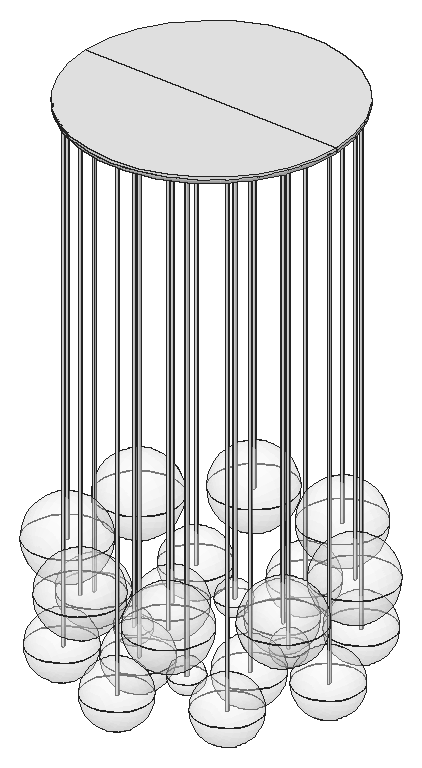
Revit family
Parameters (values of type "Parametric")
  Wattage = 12.1178 W
  built-in parameter 1150110 = 1 (stored number, unit not read)
  built-in parameter 1114217 = 1 (stored number, unit not read)
  built-in parameter 1150109 = 1 (stored number, unit not read)
  built-in parameter 1150134 = 5
  built-in parameter 1150113 = 1 (stored number, unit not read)
  SmartBIM Object Version = 1  # constant formula
  SmartBIM Object Created By = "Reed Construction Data"  # constant formula
  Manufacturer = ""
  built-in parameter 1150105 = 143.24 (stored number, unit not read)
  Lumens = 1800 lm
  built-in parameter 1150115 = 1 (stored number, unit not read)
  Light Source Symbol Size = 2' - 0"
  built-in parameter 1150137 = (empty or 0)
  built-in parameter 1150139 = (empty or 0)
  built-in parameter 1150112 = 1 (stored number, unit not read)
  built-in parameter 1150114 = 1 (stored number, unit not read)
  built-in parameter 1150132 = 2
  built-in parameter 1150102 = (empty or 0)
  built-in parameter 1150107 = 6000 (stored number, unit not read)
  built-in parameter 1150138 = (empty or 0)
  built-in parameter 1150106 = 1.4324 (stored number, unit not read)
  built-in parameter 1150104 = 13.8 (stored number, unit not read)
  Dimming Lamp Color Temperature Shift = (empty or 0)
  Housing = Aluminium
  Color Filter = 16777215
  built-in parameter 1114218 = 1 (stored number, unit not read)
  built-in parameter 1150133 = 10 (stored number, unit not read)
  Assembly Code = ""
  95 CSI = "16510"
  04 CSI = "26 51 00"
Reference planes (in)
  plane 1 "Light Source Axis (F/B)": y = 0
  plane 2 "Ceiling": z = 96
  plane 3 "Light Source Axis (L/R)": x = 0
  plane 4 "Light Source Elevation": z = 74.25
  plane 5 "Top Edge of Upper Cylinder": z = 78
  plane 6 "Bottom of Base": z = 94
  plane 7 "Bottom of Cylinder": z = 74.5
Forms (in)
  Revolve 1, solid, material "Aluminium" <- "Housing"
    sketch origin (0, 0, 0) x (1, 0, 0) y (0, 0, 1)
      loop
        line (0, 95.62439) -> (5.97957, 95.62439)
        arc (5.97957, 95.62439) -> (6.15635, 95.69761) -> (6.22957, 95.87439) r 0.25
        line (6.22957, 95.87439) -> (6.22957, 96) -> (0, 96) -> (0, 95.62439)
      axis (0, 96) -> (0, 95.62439)
    angle from 0 to 360
  Extrusion 2, solid, material "Aluminium"
    sketch origin (0, 0, 96) x (1, 0, 0) y (0, 1, 0)
      loop
        circle (5.85003, 0.01023) r 0.0625
      loop
        circle (0, -5.84004) r 0.0625
      loop
        circle (4.12787, -4.16702) r 0.0625
      loop
        circle (-4.05824, -4.15154) r 0.0625
      loop
        circle (2.88498, -1.19196) r 0.0625
      loop
        circle (2.88498, 1.19196) r 0.0625
      loop
        circle (-5.85003, 0.01023) r 0.0625
      loop
        circle (0, 5.84004) r 0.0625
      loop
        circle (4.12787, 4.16702) r 0.0625
      loop
        circle (-4.05824, 4.15154) r 0.0625
      loop
        circle (-2.88498, -1.19196) r 0.0625
      loop
        circle (-2.88498, 1.19196) r 0.0625
      loop
        circle (1.17117, 2.98482) r 0.0625
      loop
        circle (-1.21276, 2.98482) r 0.0625
      loop
        circle (1.17117, -2.98482) r 0.0625
      loop
        circle (-1.21276, -2.98482) r 0.0625
    from -0.25 to -24
  Extrusion 3, solid, material "Aluminium"
    sketch origin (0, 0, 96) x (1, 0, 0) y (0, 1, 0)
      loop
        circle (5.37713, 2.23182) r 0.0625
      loop
        circle (2.19515, 5.4138) r 0.0625
      loop
        circle (-5.37713, 2.23182) r 0.0625
      loop
        circle (-2.19515, 5.4138) r 0.0625
      loop
        circle (5.37713, -2.23182) r 0.0625
      loop
        circle (2.19515, -5.4138) r 0.0625
      loop
        circle (-5.37713, -2.23182) r 0.0625
      loop
        circle (-2.19515, -5.4138) r 0.0625
    from -0.25 to -20.5
  Revolve 4, solid, material "Frosted luminaire 2"
    sketch origin (0, 0, 72) x (1, 0, 0) y (0, 1, 0)
      loop
        line (5.8492, 1.5) -> (5.8492, -1.5)
        arc (5.8492, -1.5) -> (7.3492, 0) -> (5.8492, 1.5) r 1.5
      axis (5.8492, 1.5) -> (5.8492, -1.5)
    angle from 0 to 360
  Revolve 5, solid, material "Frosted luminaire 2"
    sketch origin (-1.73083, 4.20008, 72) x (1, 0, 0) y (0, 1, 0)
      loop
        line (5.8492, 1.5) -> (5.8492, -1.5)
        arc (5.8492, -1.5) -> (7.3492, 0) -> (5.8492, 1.5) r 1.5
      axis (5.8492, 1.5) -> (5.8492, -1.5)
    angle from 0 to 360
  Revolve 6, solid, material "Frosted luminaire 2"
    sketch origin (-1.73083, -4.13396, 72) x (1, 0, 0) y (0, 1, 0)
      loop
        line (5.8492, 1.5) -> (5.8492, -1.5)
        arc (5.8492, -1.5) -> (7.3492, 0) -> (5.8492, 1.5) r 1.5
      axis (5.8492, 1.5) -> (5.8492, -1.5)
    angle from 0 to 360
  Revolve 7, solid, material "Frosted luminaire 2"
    sketch origin (0, 0, 72) x (-1, 0, 0) y (0, -1, 0)
      loop
        arc (5.8492, -1.5) -> (7.3492, 0) -> (5.8492, 1.5) r 1.5
        line (5.8492, 1.5) -> (5.8492, -1.5)
      axis (5.8492, -1.5) -> (5.8492, 1.5)
    angle from 0 to 360
  Revolve 8, solid, material "Frosted luminaire 2"
    sketch origin (1.73083, 4.20008, 72) x (-1, 0, 0) y (0, -1, 0)
      loop
        arc (5.8492, -1.5) -> (7.3492, 0) -> (5.8492, 1.5) r 1.5
        line (5.8492, 1.5) -> (5.8492, -1.5)
      axis (5.8492, -1.5) -> (5.8492, 1.5)
    angle from 0 to 360
  Revolve 9, solid, material "Frosted luminaire 2"
    sketch origin (1.73083, -4.13396, 72) x (-1, 0, 0) y (0, -1, 0)
      loop
        arc (5.8492, -1.5) -> (7.3492, 0) -> (5.8492, 1.5) r 1.5
        line (5.8492, 1.5) -> (5.8492, -1.5)
      axis (5.8492, -1.5) -> (5.8492, 1.5)
    angle from 0 to 360
  Revolve 10, solid, material "Frosted luminaire 2"
    sketch origin (5.82451, 5.83889, 72) x (-1, 0, 0) y (0, -1, 0)
      loop
        arc (5.8492, -1.5) -> (7.3492, 0) -> (5.8492, 1.5) r 1.5
        line (5.8492, 1.5) -> (5.8492, -1.5)
      axis (5.8492, -1.5) -> (5.8492, 1.5)
    angle from 0 to 360
  Revolve 11, solid, material "Frosted luminaire 2"
    sketch origin (5.82451, -5.83889, 72) x (-1, 0, 0) y (0, -1, 0)
      loop
        line (5.8492, 1.5) -> (5.8492, -1.5)
        arc (5.8492, -1.5) -> (7.3492, 0) -> (5.8492, 1.5) r 1.5
      axis (5.8492, 1.5) -> (5.8492, -1.5)
    angle from 0 to 360
  Revolve 12, solid, material "Frosted luminaire 2"
    sketch origin (2.97596, 1.17205, 72) x (-1, 0, 0) y (0, -1, 0)
      loop
        arc (5.8492, -1.5) -> (7.3492, 0) -> (5.8492, 1.5) r 1.5
        line (5.8492, 1.5) -> (5.8492, -1.5)
      axis (5.8492, -1.5) -> (5.8492, 1.5)
    angle from 0 to 360
  Revolve 13, solid, material "Frosted luminaire 2"
    sketch origin (7.04418, 2.94955, 72) x (-1, 0, 0) y (0, -1, 0)
      loop
        arc (5.8492, -1.5) -> (7.3492, 0) -> (5.8492, 1.5) r 1.5
        line (5.8492, 1.5) -> (5.8492, -1.5)
      axis (5.8492, -1.5) -> (5.8492, 1.5)
    angle from 0 to 360
  Revolve 14, solid, material "Frosted luminaire 2"
    sketch origin (8.73457, -1.23179, 72) x (-1, 0, 0) y (0, -1, 0)
      loop
        arc (5.8492, -1.5) -> (7.3492, 0) -> (5.8492, 1.5) r 1.5
        line (5.8492, 1.5) -> (5.8492, -1.5)
      axis (5.8492, -1.5) -> (5.8492, 1.5)
    angle from 0 to 360
  Revolve 15, solid, material "Frosted luminaire 2"
    sketch origin (4.63172, -2.99992, 72) x (-1, 0, 0) y (0, -1, 0)
      loop
        arc (5.8492, -1.5) -> (7.3492, 0) -> (5.8492, 1.5) r 1.5
        line (5.8492, 1.5) -> (5.8492, -1.5)
      axis (5.8492, -1.5) -> (5.8492, 1.5)
    angle from 0 to 360
  Revolve 16, solid, material "Frosted luminaire 2"
    sketch origin (2.9918, -1.12447, 72) x (-1, 0, 0) y (0, -1, 0)
      loop
        line (5.86247, -0.69051) -> (5.86247, 0.89405)
        arc (5.86247, 0.89405) -> (5.07784, 0.10177) -> (5.86247, -0.69051) r 0.79232
      axis (5.86247, 0.89405) -> (5.86247, -0.69051)
    angle from 0 to 360
  Revolve 17, solid, material "Frosted luminaire 2"
    sketch origin (7.05592, -2.89584, 72) x (-1, 0, 0) y (0, -1, 0)
      loop
        line (5.86247, -0.69051) -> (5.86247, 0.89405)
        arc (5.86247, 0.89405) -> (5.07784, 0.10177) -> (5.86247, -0.69051) r 0.79232
      axis (5.86247, 0.89405) -> (5.86247, -0.69051)
    angle from 0 to 360
  Revolve 18, solid, material "Frosted luminaire 2"
    sketch origin (8.77342, 1.32193, 72) x (-1, 0, 0) y (0, -1, 0)
      loop
        line (5.86247, -0.69051) -> (5.86247, 0.89405)
        arc (5.86247, 0.89405) -> (5.07784, 0.10177) -> (5.86247, -0.69051) r 0.79232
      axis (5.86247, 0.89405) -> (5.86247, -0.69051)
    angle from 0 to 360
  Revolve 19, solid, material "Frosted luminaire 2"
    sketch origin (4.63683, 3.06497, 72) x (-1, 0, 0) y (0, -1, 0)
      loop
        line (5.86247, -0.69051) -> (5.86247, 0.89405)
        arc (5.86247, 0.89405) -> (5.07784, 0.10177) -> (5.86247, -0.69051) r 0.79232
      axis (5.86247, 0.89405) -> (5.86247, -0.69051)
    angle from 0 to 360
  Revolve 20, solid, material "Frosted luminaire 2"
    sketch origin (0, 0, 75.5) x (1, 0, 0) y (0, 1, 0)
      loop
        arc (-5.37805, 4.06409) -> (-7.22246, 2.21969) -> (-5.37805, 0.37529) r 1.8444
        line (-5.37805, 0.37529) -> (-5.37805, 4.06409)
      axis (-5.37805, 4.06409) -> (-5.37805, 0.37529)
    angle from 0 to 360
  Revolve 21, solid, material "Frosted luminaire 2"
    sketch origin (0, 0, 75.5) x (-1, 0, 0) y (0, -1, 0)
      loop
        line (-5.37805, -4.06409) -> (-5.37805, -0.37529)
        arc (-5.37805, -0.37529) -> (-7.22246, -2.21969) -> (-5.37805, -4.06409) r 1.8444
      axis (-5.37805, -4.06409) -> (-5.37805, -0.37529)
    angle from 0 to 360
  Revolve 22, solid, material "Frosted luminaire 2"
    sketch origin (0, 0, 75.5) x (1, 0, 0) y (0, 1, 0)
      loop
        line (-5.37805, -4.06409) -> (-5.37805, -0.37529)
        arc (-5.37805, -0.37529) -> (-7.22246, -2.21969) -> (-5.37805, -4.06409) r 1.8444
      axis (-5.37805, -4.06409) -> (-5.37805, -0.37529)
    angle from 0 to 360
  Revolve 23, solid, material "Frosted luminaire 2"
    sketch origin (0, 0, 75.5) x (-1, 0, 0) y (0, -1, 0)
      loop
        arc (-5.37805, 4.06409) -> (-7.22246, 2.21969) -> (-5.37805, 0.37529) r 1.8444
        line (-5.37805, 0.37529) -> (-5.37805, 4.06409)
      axis (-5.37805, 4.06409) -> (-5.37805, 0.37529)
    angle from 0 to 360
  Revolve 24, solid, material "Frosted luminaire 2"
    sketch origin (-7.6103, 3.23949, 75.5) x (-1, 0, 0) y (0, -1, 0)
      loop
        line (-5.37805, -4.06409) -> (-5.37805, -0.37529)
        arc (-5.37805, -0.37529) -> (-7.22246, -2.21969) -> (-5.37805, -4.06409) r 1.8444
      axis (-5.37805, -4.06409) -> (-5.37805, -0.37529)
    angle from 0 to 360
  Revolve 25, solid, material "Frosted luminaire 2"
    sketch origin (-3.22459, -7.56461, 75.5) x (-1, 0, 0) y (0, -1, 0)
      loop
        line (-5.37805, -4.06409) -> (-5.37805, -0.37529)
        arc (-5.37805, -0.37529) -> (-7.22246, -2.21969) -> (-5.37805, -4.06409) r 1.8444
      axis (-5.37805, -4.06409) -> (-5.37805, -0.37529)
    angle from 0 to 360
  Revolve 26, solid, material "Frosted luminaire 2"
    sketch origin (-3.18676, 7.66961, 75.5) x (-1, 0, 0) y (0, -1, 0)
      loop
        arc (-5.37805, 4.06409) -> (-7.22246, 2.21969) -> (-5.37805, 0.37529) r 1.8444
        line (-5.37805, 0.37529) -> (-5.37805, 4.06409)
      axis (-5.37805, 4.06409) -> (-5.37805, 0.37529)
    angle from 0 to 360
  Revolve 27, solid, material "Frosted luminaire 2"
    sketch origin (-7.58163, -3.18146, 75.5) x (-1, 0, 0) y (0, -1, 0)
      loop
        arc (-5.37805, 4.06409) -> (-7.22246, 2.21969) -> (-5.37805, 0.37529) r 1.8444
        line (-5.37805, 0.37529) -> (-5.37805, 4.06409)
      axis (-5.37805, 4.06409) -> (-5.37805, 0.37529)
    angle from 0 to 360
Lines and regions (in)
  sketch lines
    curve 1: line (-60, 60, 0) -> (60, 60, 0)
    curve 2: line (-60, 60, 0) -> (-60, -60, 0)
    curve 3: line (-60, -60, 0) -> (60, -60, 0)
    curve 4: line (60, 60, 0) -> (60, -60, 0)
Dimensions and locks (in)
  equal spacing: curve 2, plane 3 "Light Source Axis (L/R)", curve 4
  equal spacing: curve 3, plane 1 "Light Source Axis (F/B)", curve 1
  curve 2 to curve 4 = 10' - 0"
  curve 3 to curve 1 = 10' - 0"
  locked: plane 2 "Ceiling" to plane 6 "Bottom of Base" at 2
  locked: plane 2 "Ceiling" to plane 5 "Top Edge of Upper Cylinder" at 18
  locked: plane 5 "Top Edge of Upper Cylinder" to plane 7 "Bottom of Cylinder" at 3.5
  aligned and locked: plane 3 "Light Source Axis (L/R)" to imposter light
  aligned and locked: plane 1 "Light Source Axis (F/B)" to imposter light
  aligned and locked: plane 4 "Light Source Elevation" to imposter light
